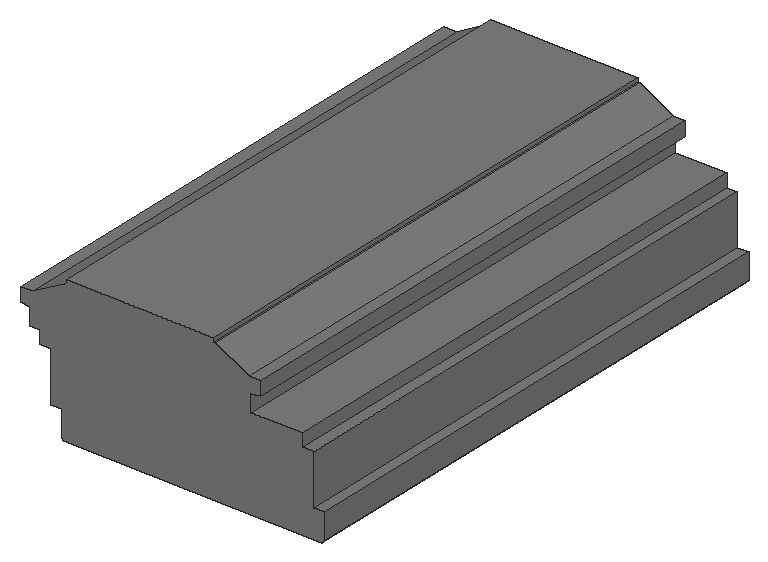
Revit family "HourdiBox PP Néo 120 Up 17 KW-1", category Equipement spécialisé, Revit 2016
Family settings
  Basée sur le plan de construction = Non
  Toujours verticalement = Oui
  Couper avec des vides une fois chargée = Non
  Partagée = Non
  Point de calcul de pièce = Non
Parameters (values of type "HourdiBox PP 120 Up 17")
  Up - SEAC GF 110 - SEAC GF 120 - SEAC GF 930 - SEAC GF 940 = 0.1700 W/(m·K)  # constant formula
  Up - RECTOR NR 130 = 0.1700 W/(m·K)  # constant formula
  Up - RECTOR NR 110 = 0.1700 W/(m·K)  # constant formula
  Up - LB7 - Série 1 = 0.1600 W/(m·K)  # constant formula
  Up - LB 7 - Série 2 = 0.1700 W/(m·K)  # constant formula
  Up - KP1 Leader 130 - KP1 Leader 140 = 0.1700 W/(m·K)  # constant formula
  Up - KP1 Leader 110 - KP1 Leader 115S - KP1 Leader x 110 = 0.1600 W/(m·K)  # constant formula
  Up - DURANDAL DF 110 - DURANDAL DF 130 - DURANDAL DF 140 = 0.1700 W/(m·K)  # constant formula
  URL = "http://www.isobox-isolation.fr/"
  Rp - SEAC GF 110 - SEAC GF 120 - SEAC GF 930 - SEAC GF 940 = 5.5500 (m²·K)/W  # constant formula
  Rp - RECTOR NR 110 = 5.6000 (m²·K)/W  # constant formula
  Rp - RECTOR NR 130 = 5.4000 (m²·K)/W  # constant formula
  Keynote = ""
  Model = "Entrevous 120 - UP 14 "  # constant formula
  Matériaux = Isolant PSE Entrevous
  Longueur = 1200 mm  # constant formula
  Largeur coupure 02 (base 10cm = 0) (par défaut) [instance] = 100 mm
  Largeur coupure 01 (base 10cm = 0) [instance] = 100 mm
  Longueur coupure (base 10cm = 0) [instance] = 100 mm
  Largeur = 688.5 mm  # constant formula
  Rp - LB7 - Série 1 = 5.7000 (m²·K)/W  # constant formula
  Rp - LB 7 - Série 2 = 5.5500 (m²·K)/W  # constant formula
  Rp - KP1 Leader 130 - KP1 Leader 140 = 5.5500 (m²·K)/W  # constant formula
  Rp - KP1 Leader 110 - KP1 Leader 115S - KP1 Leader x 110 = 5.7000 (m²·K)/W  # constant formula
  Fabricant = "Isobox"  # constant formula
  Epaisseur de languette = 159 mm  # constant formula
  Description = ""
  Rp - DURANDAL DF 110 - DURANDAL DF 130 - DURANDAL DF 140 = 5.5500 (m²·K)/W  # constant formula
  Coût = 0  # constant formula
Reference planes
  plane 1 "Centre (avant/arrière)": y = 0
  plane 2: z = 0
  plane 3 "Centre (gauche/droite)": x = 0
Forms (mm)
  Extrusion 1, solid, material "Isolant PSE Entrevous" <- "Matériaux"
    sketch origin (0, 0, 0) x (1, 0, 0) y (0, 0, 1)
      loop
        line (105.383, 0) -> (105.383, -9) -> (100.383, -9) -> (27.542, -50.647) -> (0, -50.647) -> (0, -82.012) -> (21.945, -84.319) -> (21.945, -122.995) -> (45, -122.995) -> (45, -152) -> (68.5, -152) -> (68.5, -266) -> (93.5, -266) -> (93.5, -325) -> (98.5, -330) -> (683.5, -330) -> (688.5, -325) -> (688.5, -266) -> (663.5, -266) -> (663.5, -152) -> (640, -152) -> (640, -123) -> (522.055, -123) -> (522.055, -84.319) -> (544, -82.012) -> (544, -50.647) -> (516.458, -50.647) -> (443.618, -9) -> (438.618, -9) -> (438.618, 0) -> (105.383, 0)
    from 0 to 1200
  Extrusion 2, void
    sketch origin (0, 0, 0) x (1, 0, 0) y (0, 1, 0)
      loop
        line (788.5, 0) -> (688.5, 0) -> (688.5, -1200) -> (788.5, -1200) -> (788.5, 0)
    from -330 to 0
  Extrusion 3, void
    sketch origin (0, 0, 0) x (1, 0, 0) y (0, 1, 0)
      loop
        line (0, -1200) -> (0, -1300) -> (688.5, -1300) -> (688.5, -1200) -> (0, -1200)
    from 0 to -330
  Extrusion 4, void
    sketch origin (-788.5, 0, 0) x (1, 0, 0) y (0, 1, 0)
      loop
        line (788.5, 0) -> (688.5, 0) -> (688.5, -1200) -> (788.5, -1200) -> (788.5, 0)
    from -330 to 0
Cuts and joins
  Extrusion 2, Extrusion 3, Extrusion 4 cuts Extrusion 1
Lines and regions (mm)
  reference lines
    curve 1: line (788.5, 160, 0) -> (788.5, -1440, 0)
    curve 2: line (-100, 0, 0) -> (-100, -1540, 0)
    curve 3: line (0, -1300, 0) -> (1520, -1300, 0)
Dimensions and locks
  locked: Extrusion 1 to Extrusion 1 at 688.5
  locked: Extrusion 1 to Extrusion 1 at 1200
  locked: Extrusion 1 to Extrusion 1 at 143
  "Largeur coupure 01 (base 10cm = 0)": Extrusion 2 to Extrusion 2
  locked: Extrusion 3 to Extrusion 3 at 688.5
  "Longueur coupure (base 10cm = 0)": Extrusion 3 to Extrusion 3
  "Largeur coupure 02 (base 10cm = 0) (par défaut)": Extrusion 4 to Extrusion 4
  cut or joined group of Extrusion 1, Extrusion 2, Extrusion 3, Extrusion 4 to cut or joined group of Extrusion 1, Extrusion 2, Extrusion 3, Extrusion 4 = 330 mm
  aligned and locked: level to plane 2
  aligned and locked: Extrusion 2 to curve 1
  aligned and locked: Extrusion 4 to curve 2
  aligned and locked: Extrusion 3 to curve 3
Automatic sketch dimensions
  Extrusion 1 sketch curve to plane 3 "Centre (gauche/droite)" = 0 mm
  Extrusion 1 sketch curve to level = 0 mm
  plane 3 "Centre (gauche/droite)" to Extrusion 1 sketch curve = 21.945 mm
  plane 3 "Centre (gauche/droite)" to Extrusion 1 sketch curve = 27.542 mm
  Extrusion 1 sketch curve to Extrusion 1 sketch curve = 23.055 mm
  plane 3 "Centre (gauche/droite)" to Extrusion 1 sketch curve = 68.5 mm
  Extrusion 1 sketch curve to Extrusion 1 sketch curve = 25 mm
  Extrusion 1 sketch curve to Extrusion 1 sketch curve = 5 mm  (x5)
  Extrusion 1 sketch curve to level = 9 mm  (x2)
  Extrusion 1 sketch curve to Extrusion 1 sketch curve = 72.84 mm  (x2)
  Extrusion 1 sketch curve to Extrusion 1 sketch curve = 333.235 mm
  Extrusion 1 sketch curve to Extrusion 1 sketch curve = 5.597 mm
  Extrusion 1 sketch curve to level = 82.012 mm
  Extrusion 1 sketch curve to Extrusion 1 sketch curve = 21.945 mm
  Extrusion 1 sketch curve to Extrusion 1 sketch curve = 96 mm
  Extrusion 1 sketch curve to Extrusion 1 sketch curve = 23.5 mm
  Extrusion 1 sketch curve to level = 330 mm
  Extrusion 1 sketch curve to Extrusion 1 sketch curve = 20 mm
  Extrusion 1 sketch curve to level = 325 mm
  Extrusion 1 sketch curve to Extrusion 1 sketch curve = 59 mm  (x2)
  Extrusion 1 sketch curve to Extrusion 1 sketch curve = 114 mm  (x2)
  Extrusion 1 sketch curve to Extrusion 1 sketch curve = 29 mm
  Extrusion 1 sketch curve to Extrusion 1 sketch curve = 29.005 mm
  Extrusion 1 sketch curve to Extrusion 1 sketch curve = 38.676 mm
  Extrusion 1 sketch curve to Extrusion 1 sketch curve = 2.307 mm  (x2)
  Extrusion 1 sketch curve to Extrusion 1 sketch curve = 33.672 mm  (x2)
  plane 1 "Centre (avant/arrière)" to Extrusion 2 sketch curve = 0 mm
  plane 3 "Centre (gauche/droite)" to Extrusion 2 sketch curve = 688.5 mm
  Extrusion 2 sketch curve to Extrusion 2 sketch curve = 100 mm
  plane 1 "Centre (avant/arrière)" to Extrusion 2 sketch curve = 1200 mm
  Extrusion 3 sketch curve to plane 3 "Centre (gauche/droite)" = 0 mm
  plane 3 "Centre (gauche/droite)" to Extrusion 3 sketch curve = 688.5 mm
  plane 1 "Centre (avant/arrière)" to Extrusion 3 sketch curve = 1300 mm
  Extrusion 3 sketch curve to Extrusion 3 sketch curve = 100 mm
  plane 1 "Centre (avant/arrière)" to Extrusion 4 sketch curve = 0 mm
  Extrusion 4 sketch curve to plane 3 "Centre (gauche/droite)" = 0 mm
  Extrusion 4 sketch curve to plane 3 "Centre (gauche/droite)" = 100 mm
  plane 1 "Centre (avant/arrière)" to Extrusion 4 sketch curve = 1200 mm
  plane 1 "Centre (avant/arrière)" to curve 2 = 0 mm
  curve 3 to plane 3 "Centre (gauche/droite)" = 0 mm
  curve 2 to plane 3 "Centre (gauche/droite)" = 100 mm
  plane 3 "Centre (gauche/droite)" to curve 1 = 788.5 mm
  curve 1 to curve 3 = 731.5 mm
  plane 1 "Centre (avant/arrière)" to curve 3 = 1300 mm
  curve 1 to curve 3 = 140 mm
  curve 2 to curve 3 = 240 mm
  curve 1 to plane 1 "Centre (avant/arrière)" = 160 mm
